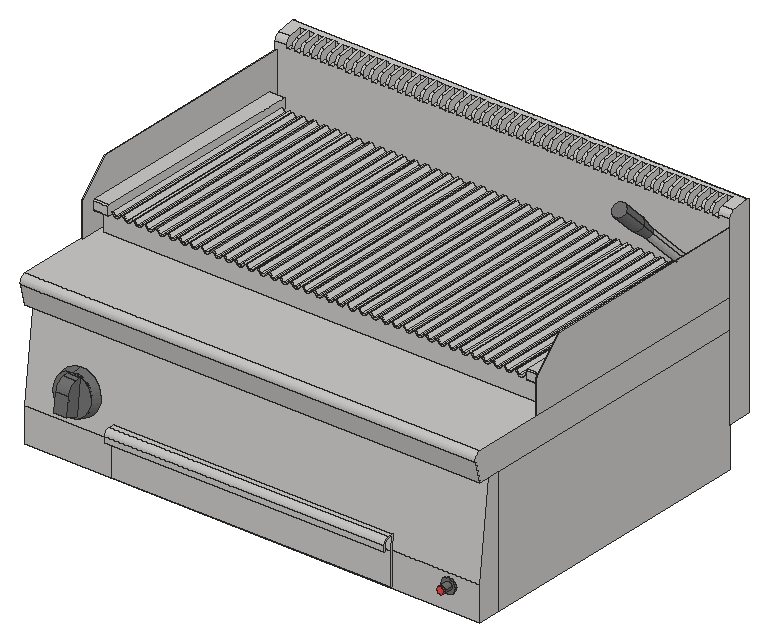
Revit family "QF_GIORIK_LTG8700", category Specialty Equipment, Revit 2014
Parameters (values of type "LTG8700")
  Weight in Pounds = 143.3003
  URL Cutsheet = "www.giorik.com"
  URL = "www.giorik.com"
  Status [instance] = ""
  Specification by User [instance] = ""
  Specification by Manufacturer = ""
  Show Logo [instance] = yes
  Show Clearance [instance] = yes
  Serial Number = ""
  Seismic Rating = ""
  SMACNA No = ""
  Revision Code [instance] = ""
  NAFEM Spec ID Number = ""
  Model = "LTG8700"
  Mechanical Remarks [instance] = "Natural Gas"
  Mechanical Connection Type [instance] = ""
  Masterspec = ""
  Manufacturer = "GIORIK"
  Item Number [instance] = ""
  Installed By [instance] = ""
  Identify Quantity as Lot [instance] = no
  Gas Size = 1"
  Gas RI Height [instance] = 0 mm
  Gas KW = 14
  Gas Input = 14000 W
  Gas Connection Height [instance] = 45 mm
  Furnished By [instance] = ""
  Foodservice Equipment Identifier [instance] = yes
  Description = "LAVASTONE GRILLS"
  CSI MasterFormat = ""
  Assembly Code = "E1090320"
Reference planes
  plane 1 "Back": y = 0
  plane 2: z = 0
  plane 3 "Left": x = 0
  plane 4 "Right": x = 800
  plane 5 "Front": y = -600
  plane 6 "Top": z = 430
Forms (mm)
  Extrusion 1, solid
    sketch origin (0, 1000, -580) x (0, 1, 0) y (0, 0, 1)
      loop
        line (-1040.007, 869.975) -> (-1589.445, 869.975)
        arc (-1589.445, 869.975) -> (-1598.171, 865.672) -> (-1600.069, 856.13) r 10.999
        line (-1600.069, 856.13) -> (-1590.388, 820) -> (-1040.007, 820) -> (-1040.007, 869.975)
    from 0 to 800
  Extrusion 2, solid
    sketch origin (0, 0, -560) x (0, 1, 0) y (0, 0, 1)
      loop
        line (-40.007, 800) -> (-550, 800) -> (-550, 580) -> (-40.007, 580) -> (-40.007, 800)
    from 0 to 800
  Extrusion 3, solid
    sketch origin (0, 0, -560) x (0, 1, 0) y (0, 0, 1)
      loop
        line (-550, 800) -> (-570.5, 800) -> (-590, 640) -> (-590, 580) -> (-550, 580) -> (-550, 800)
    from 0 to 800
  Revolve 4, solid
    sketch origin (103.155, -1.082, -556.237) x (0, 1, 0) y (0, 0, 1)
      loop
        line (-598.03, 706.389) -> (-594.27, 737.013) -> (-609.648, 734.852) -> (-613.772, 701.269) -> (-581.482, 697.305) -> (-580.629, 704.252) -> (-598.03, 706.389)
      axis (-581.482, 697.305) -> (-613.772, 701.269)
    angle from 0 to 360
  Extrusion 5, solid
    sketch origin (0, 0, -560) x (0, 1, 0) y (0, 0, 1)
      loop
        line (-40.007, 974.217) -> (-40.007, 650.827) -> (0, 650.827) -> (0, 988.42)
        arc (0, 988.42) -> (-0.57, 989.648) -> (-1.878, 990) r 1.6
        line (-1.878, 990) -> (-31.072, 984.852)
        arc (-31.072, 984.852) -> (-37.477, 981.162) -> (-40.007, 974.217) r 10.797
    from 0 to 800
  Extrusion 6, solid
    sketch origin (-59.831, -1.082, -556.237) x (0, 1, 0) y (0, 0, 1)
      loop
        line (-635.843, 711.553) -> (-639.647, 680.575) -> (-617.415, 671.593) -> (-610.135, 730.882) -> (-617.934, 729.786)
        arc (-617.934, 729.786) -> (-629.982, 723.708) -> (-635.843, 711.553) r 20.998
    from 151.831 to 173.831
  Extrusion 7, solid
    sketch origin (103.819, 0, -561) x (1, 0, 0) y (0, 0, 1)
      loop
        circle (-38.319, 606) r 12.5
    from 20.007 to 40.007
  Extrusion 8, void
    sketch origin (5, 0, 430) x (0, 1, 0) y (-1, 0, 0)
      loop
        line (-40.007, -25) -> (-9.931, -25) -> (-9.931, -15) -> (-40.007, -15) -> (-40.007, -25)
      loop
        line (-40.007, -40) -> (-9.931, -40) -> (-9.931, -30) -> (-40.007, -30) -> (-40.007, -40)
      loop
        line (-40.007, -55) -> (-9.931, -55) -> (-9.931, -45) -> (-40.007, -45) -> (-40.007, -55)
      loop
        line (-40.007, -70) -> (-9.931, -70) -> (-9.931, -60) -> (-40.007, -60) -> (-40.007, -70)
      loop
        line (-40.007, -85) -> (-9.931, -85) -> (-9.931, -75) -> (-40.007, -75) -> (-40.007, -85)
      loop
        line (-40.007, -100) -> (-9.931, -100) -> (-9.931, -90) -> (-40.007, -90) -> (-40.007, -100)
      loop
        line (-40.007, -115) -> (-9.931, -115) -> (-9.931, -105) -> (-40.007, -105) -> (-40.007, -115)
      loop
        line (-40.007, -130) -> (-9.931, -130) -> (-9.931, -120) -> (-40.007, -120) -> (-40.007, -130)
      loop
        line (-40.007, -145) -> (-9.931, -145) -> (-9.931, -135) -> (-40.007, -135) -> (-40.007, -145)
      loop
        line (-40.007, -160) -> (-9.931, -160) -> (-9.931, -150) -> (-40.007, -150) -> (-40.007, -160)
      loop
        line (-40.007, -175) -> (-9.931, -175) -> (-9.931, -165) -> (-40.007, -165) -> (-40.007, -175)
      loop
        line (-40.007, -190) -> (-9.931, -190) -> (-9.931, -180) -> (-40.007, -180) -> (-40.007, -190)
      loop
        line (-40.007, -205) -> (-9.931, -205) -> (-9.931, -195) -> (-40.007, -195) -> (-40.007, -205)
      loop
        line (-40.007, -220) -> (-9.931, -220) -> (-9.931, -210) -> (-40.007, -210) -> (-40.007, -220)
      loop
        line (-40.007, -235) -> (-9.931, -235) -> (-9.931, -225) -> (-40.007, -225) -> (-40.007, -235)
      loop
        line (-40.007, -250) -> (-9.931, -250) -> (-9.931, -240) -> (-40.007, -240) -> (-40.007, -250)
      loop
        line (-40.007, -265) -> (-9.931, -265) -> (-9.931, -255) -> (-40.007, -255) -> (-40.007, -265)
      loop
        line (-40.007, -280) -> (-9.931, -280) -> (-9.931, -270) -> (-40.007, -270) -> (-40.007, -280)
      loop
        line (-40.007, -295) -> (-9.931, -295) -> (-9.931, -285) -> (-40.007, -285) -> (-40.007, -295)
      loop
        line (-40.007, -310) -> (-9.931, -310) -> (-9.931, -300) -> (-40.007, -300) -> (-40.007, -310)
      loop
        line (-40.007, -325) -> (-9.931, -325) -> (-9.931, -315) -> (-40.007, -315) -> (-40.007, -325)
      loop
        line (-40.007, -340) -> (-9.931, -340) -> (-9.931, -330) -> (-40.007, -330) -> (-40.007, -340)
      loop
        line (-40.007, -355) -> (-9.931, -355) -> (-9.931, -345) -> (-40.007, -345) -> (-40.007, -355)
      loop
        line (-40.007, -370) -> (-9.931, -370) -> (-9.931, -360) -> (-40.007, -360) -> (-40.007, -370)
      loop
        line (-40.007, -385) -> (-9.931, -385) -> (-9.931, -375) -> (-40.007, -375) -> (-40.007, -385)
      loop
        line (-40.007, -400) -> (-9.931, -400) -> (-9.931, -390) -> (-40.007, -390) -> (-40.007, -400)
      loop
        line (-40.007, -415) -> (-9.931, -415) -> (-9.931, -405) -> (-40.007, -405) -> (-40.007, -415)
      loop
        line (-40.007, -430) -> (-9.931, -430) -> (-9.931, -420) -> (-40.007, -420) -> (-40.007, -430)
      loop
        line (-40.007, -445) -> (-9.931, -445) -> (-9.931, -435) -> (-40.007, -435) -> (-40.007, -445)
      loop
        line (-40.007, -460) -> (-9.931, -460) -> (-9.931, -450) -> (-40.007, -450) -> (-40.007, -460)
      loop
        line (-40.007, -475) -> (-9.931, -475) -> (-9.931, -465) -> (-40.007, -465) -> (-40.007, -475)
      loop
        line (-40.007, -490) -> (-9.931, -490) -> (-9.931, -480) -> (-40.007, -480) -> (-40.007, -490)
      loop
        line (-40.007, -505) -> (-9.931, -505) -> (-9.931, -495) -> (-40.007, -495) -> (-40.007, -505)
      loop
        line (-40.007, -520) -> (-9.931, -520) -> (-9.931, -510) -> (-40.007, -510) -> (-40.007, -520)
      loop
        line (-40.007, -535) -> (-9.931, -535) -> (-9.931, -525) -> (-40.007, -525) -> (-40.007, -535)
      loop
        line (-40.007, -550) -> (-9.931, -550) -> (-9.931, -540) -> (-40.007, -540) -> (-40.007, -550)
      loop
        line (-40.007, -565) -> (-9.931, -565) -> (-9.931, -555) -> (-40.007, -555) -> (-40.007, -565)
      loop
        line (-40.007, -580) -> (-9.931, -580) -> (-9.931, -570) -> (-40.007, -570) -> (-40.007, -580)
      loop
        line (-40.007, -595) -> (-9.931, -595) -> (-9.931, -585) -> (-40.007, -585) -> (-40.007, -595)
      loop
        line (-40.007, -610) -> (-9.931, -610) -> (-9.931, -600) -> (-40.007, -600) -> (-40.007, -610)
      loop
        line (-40.007, -625) -> (-9.931, -625) -> (-9.931, -615) -> (-40.007, -615) -> (-40.007, -625)
      loop
        line (-40.007, -640) -> (-9.931, -640) -> (-9.931, -630) -> (-40.007, -630) -> (-40.007, -640)
      loop
        line (-40.007, -655) -> (-9.931, -655) -> (-9.931, -645) -> (-40.007, -645) -> (-40.007, -655)
      loop
        line (-40.007, -670) -> (-9.931, -670) -> (-9.931, -660) -> (-40.007, -660) -> (-40.007, -670)
      loop
        line (-40.007, -685) -> (-9.931, -685) -> (-9.931, -675) -> (-40.007, -675) -> (-40.007, -685)
      loop
        line (-40.007, -700) -> (-9.931, -700) -> (-9.931, -690) -> (-40.007, -690) -> (-40.007, -700)
      loop
        line (-40.007, -715) -> (-9.931, -715) -> (-9.931, -705) -> (-40.007, -705) -> (-40.007, -715)
      loop
        line (-40.007, -730) -> (-9.931, -730) -> (-9.931, -720) -> (-40.007, -720) -> (-40.007, -730)
      loop
        line (-40.007, -745) -> (-9.931, -745) -> (-9.931, -735) -> (-40.007, -735) -> (-40.007, -745)
      loop
        line (-40.007, -760) -> (-9.931, -760) -> (-9.931, -750) -> (-40.007, -750) -> (-40.007, -760)
      loop
        line (-40.007, -775) -> (-9.931, -775) -> (-9.931, -765) -> (-40.007, -765) -> (-40.007, -775)
    from 0 to -20
  Extrusion 9, solid
    sketch origin (566.603, 15.293, -30) x (0, 1, 0) y (-1, 0, 0)
      loop
        circle (-79.293, 516.603) r 5
    from 41.965 to 50
  Revolve 10, solid
    sketch origin (50, 19.943, -600) x (0, 1, 0) y (0, 0, 1)
      loop
        line (-83.943, 611.965) -> (-94.752, 611.965) -> (-97.943, 600) -> (-83.943, 600) -> (-83.943, 611.965)
      axis (-83.943, 611.965) -> (-83.943, 600)
    angle from 0 to 360
  Extrusion 11, solid
    sketch origin (233.397, 15.293, -30) x (0, 1, 0) y (-1, 0, 0)
      loop
        circle (-79.293, -516.603) r 5
    from 41.965 to 50
  Revolve 12, solid
    sketch origin (750, 19.943, -600) x (0, 1, 0) y (0, 0, -1)
      loop
        line (-83.943, -611.965) -> (-83.943, -600) -> (-97.943, -600) -> (-94.752, -611.965) -> (-83.943, -611.965)
      axis (-83.943, -611.965) -> (-83.943, -600)
    angle from 0 to 360
  Extrusion 13, solid
    sketch origin (566.603, -459.707, -30) x (0, 1, 0) y (-1, 0, 0)
      loop
        circle (-79.293, 516.603) r 5
    from 41.965 to 50
  Revolve 14, solid
    sketch origin (50, -455.057, -600) x (0, 1, 0) y (0, 0, 1)
      loop
        line (-83.943, 611.965) -> (-94.752, 611.965) -> (-97.943, 600) -> (-83.943, 600) -> (-83.943, 611.965)
      axis (-83.943, 611.965) -> (-83.943, 600)
    angle from 0 to 360
  Extrusion 15, solid
    sketch origin (233.397, -459.707, -30) x (0, 1, 0) y (-1, 0, 0)
      loop
        circle (-79.293, -516.603) r 5
    from 41.965 to 50
  Revolve 16, solid
    sketch origin (750, -455.057, -600) x (0, 1, 0) y (0, 0, -1)
      loop
        line (-83.943, -611.965) -> (-83.943, -600) -> (-97.943, -600) -> (-94.752, -611.965) -> (-83.943, -611.965)
      axis (-83.943, -611.965) -> (-83.943, -600)
    angle from 0 to 360
  Extrusion 17, solid
    sketch origin (16.5, -630, -536.226) x (0, 1, 0) y (0, 0, 1)
      loop
        line (42.91, 640.1) -> (32.91, 640.1)
        arc (32.91, 640.1) -> (25.839, 637.171) -> (22.91, 630.1) r 10
        line (22.91, 630.1) -> (22.91, 620.1) -> (24.91, 620.1) -> (24.91, 630.1)
        arc (24.91, 630.1) -> (27.253, 635.757) -> (32.91, 638.1) r 8
        line (32.91, 638.1) -> (40.666, 638.1) -> (38, 616.226) -> (38, 558.783) -> (40, 558.783) -> (40, 616.226) -> (42.91, 640.1)
    from 137.5 to 628.5
  Extrusion 18, solid
    sketch origin (-38, 125.093, -610.025) x (0, 1, 0) y (0, 0, 1)
      loop
        line (-185, 955.091) -> (-570.2, 955.091) -> (-572.2, 953.091) -> (-572.2, 939.091) -> (-570.2, 937.091) -> (-185, 937.091) -> (-185, 955.091)
    from 45 to 70
  Extrusion 19, solid
    sketch origin (838, 125.093, -610.025) x (0, 1, 0) y (0, 0, -1)
      loop
        line (-185, -955.091) -> (-185, -937.091) -> (-570.2, -937.091) -> (-572.2, -939.091) -> (-572.2, -953.091) -> (-570.2, -955.091) -> (-185, -955.091)
    from 45 to 70
  Extrusion 20, solid
    sketch origin (-16.65, 125.093, -610.025) x (1, 0, 0) y (0, 0, 1)
      loop
        line (54.414, 946.091) -> (53, 944.677) -> (58.117, 939.56)
        arc (58.117, 939.56) -> (61.616, 938.529) -> (65.115, 939.56) r 6.455
        line (65.115, 939.56) -> (70.232, 944.677) -> (68.818, 946.091) -> (63.866, 941.139)
        arc (63.866, 941.139) -> (61.616, 940.529) -> (59.366, 941.139) r 4.455
        line (59.366, 941.139) -> (54.414, 946.091)
    from 198 to 570
  Extrusion 21, solid
    sketch origin (3.082, 125.093, -610.025) x (1, 0, 0) y (0, 0, 1)
      loop
        line (54.414, 946.091) -> (53, 944.677) -> (58.117, 939.56)
        arc (58.117, 939.56) -> (61.616, 938.529) -> (65.115, 939.56) r 6.455
        line (65.115, 939.56) -> (70.232, 944.677) -> (68.818, 946.091) -> (63.866, 941.139)
        arc (63.866, 941.139) -> (61.616, 940.529) -> (59.366, 941.139) r 4.455
        line (59.366, 941.139) -> (54.414, 946.091)
    from 198 to 570
  Extrusion 22, solid
    sketch origin (22.814, 125.093, -610.025) x (1, 0, 0) y (0, 0, 1)
      loop
        line (54.414, 946.091) -> (53, 944.677) -> (58.117, 939.56)
        arc (58.117, 939.56) -> (61.616, 938.529) -> (65.115, 939.56) r 6.455
        line (65.115, 939.56) -> (70.232, 944.677) -> (68.818, 946.091) -> (63.866, 941.139)
        arc (63.866, 941.139) -> (61.616, 940.529) -> (59.366, 941.139) r 4.455
        line (59.366, 941.139) -> (54.414, 946.091)
    from 198 to 570
  Extrusion 23, solid
    sketch origin (42.546, 125.093, -610.025) x (1, 0, 0) y (0, 0, 1)
      loop
        line (54.414, 946.091) -> (53, 944.677) -> (58.117, 939.56)
        arc (58.117, 939.56) -> (61.616, 938.529) -> (65.115, 939.56) r 6.455
        line (65.115, 939.56) -> (70.232, 944.677) -> (68.818, 946.091) -> (63.866, 941.139)
        arc (63.866, 941.139) -> (61.616, 940.529) -> (59.366, 941.139) r 4.455
        line (59.366, 941.139) -> (54.414, 946.091)
    from 198 to 570
  Extrusion 24, solid
    sketch origin (62.278, 125.093, -610.025) x (1, 0, 0) y (0, 0, 1)
      loop
        line (54.414, 946.091) -> (53, 944.677) -> (58.117, 939.56)
        arc (58.117, 939.56) -> (61.616, 938.529) -> (65.115, 939.56) r 6.455
        line (65.115, 939.56) -> (70.232, 944.677) -> (68.818, 946.091) -> (63.866, 941.139)
        arc (63.866, 941.139) -> (61.616, 940.529) -> (59.366, 941.139) r 4.455
        line (59.366, 941.139) -> (54.414, 946.091)
    from 198 to 570
  Extrusion 25, solid
    sketch origin (82.01, 125.093, -610.025) x (1, 0, 0) y (0, 0, 1)
      loop
        line (54.414, 946.091) -> (53, 944.677) -> (58.117, 939.56)
        arc (58.117, 939.56) -> (61.616, 938.529) -> (65.115, 939.56) r 6.455
        line (65.115, 939.56) -> (70.232, 944.677) -> (68.818, 946.091) -> (63.866, 941.139)
        arc (63.866, 941.139) -> (61.616, 940.529) -> (59.366, 941.139) r 4.455
        line (59.366, 941.139) -> (54.414, 946.091)
    from 198 to 570
  Extrusion 26, solid
    sketch origin (101.743, 125.093, -610.025) x (1, 0, 0) y (0, 0, 1)
      loop
        line (54.414, 946.091) -> (53, 944.677) -> (58.117, 939.56)
        arc (58.117, 939.56) -> (61.616, 938.529) -> (65.115, 939.56) r 6.455
        line (65.115, 939.56) -> (70.232, 944.677) -> (68.818, 946.091) -> (63.866, 941.139)
        arc (63.866, 941.139) -> (61.616, 940.529) -> (59.366, 941.139) r 4.455
        line (59.366, 941.139) -> (54.414, 946.091)
    from 198 to 570
  Extrusion 27, solid
    sketch origin (121.475, 125.093, -610.025) x (1, 0, 0) y (0, 0, 1)
      loop
        line (54.414, 946.091) -> (53, 944.677) -> (58.117, 939.56)
        arc (58.117, 939.56) -> (61.616, 938.529) -> (65.115, 939.56) r 6.455
        line (65.115, 939.56) -> (70.232, 944.677) -> (68.818, 946.091) -> (63.866, 941.139)
        arc (63.866, 941.139) -> (61.616, 940.529) -> (59.366, 941.139) r 4.455
        line (59.366, 941.139) -> (54.414, 946.091)
    from 198 to 570
  Extrusion 28, solid
    sketch origin (141.207, 125.093, -610.025) x (1, 0, 0) y (0, 0, 1)
      loop
        line (54.414, 946.091) -> (53, 944.677) -> (58.117, 939.56)
        arc (58.117, 939.56) -> (61.616, 938.529) -> (65.115, 939.56) r 6.455
        line (65.115, 939.56) -> (70.232, 944.677) -> (68.818, 946.091) -> (63.866, 941.139)
        arc (63.866, 941.139) -> (61.616, 940.529) -> (59.366, 941.139) r 4.455
        line (59.366, 941.139) -> (54.414, 946.091)
    from 198 to 570
  Extrusion 29, solid
    sketch origin (160.939, 125.093, -610.025) x (1, 0, 0) y (0, 0, 1)
      loop
        line (54.414, 946.091) -> (53, 944.677) -> (58.117, 939.56)
        arc (58.117, 939.56) -> (61.616, 938.529) -> (65.115, 939.56) r 6.455
        line (65.115, 939.56) -> (70.232, 944.677) -> (68.818, 946.091) -> (63.866, 941.139)
        arc (63.866, 941.139) -> (61.616, 940.529) -> (59.366, 941.139) r 4.455
        line (59.366, 941.139) -> (54.414, 946.091)
    from 198 to 570
  Extrusion 30, solid
    sketch origin (180.671, 125.093, -610.025) x (1, 0, 0) y (0, 0, 1)
      loop
        line (54.414, 946.091) -> (53, 944.677) -> (58.117, 939.56)
        arc (58.117, 939.56) -> (61.616, 938.529) -> (65.115, 939.56) r 6.455
        line (65.115, 939.56) -> (70.232, 944.677) -> (68.818, 946.091) -> (63.866, 941.139)
        arc (63.866, 941.139) -> (61.616, 940.529) -> (59.366, 941.139) r 4.455
        line (59.366, 941.139) -> (54.414, 946.091)
    from 198 to 570
  Extrusion 31, solid
    sketch origin (200.403, 125.093, -610.025) x (1, 0, 0) y (0, 0, 1)
      loop
        line (54.414, 946.091) -> (53, 944.677) -> (58.117, 939.56)
        arc (58.117, 939.56) -> (61.616, 938.529) -> (65.115, 939.56) r 6.455
        line (65.115, 939.56) -> (70.232, 944.677) -> (68.818, 946.091) -> (63.866, 941.139)
        arc (63.866, 941.139) -> (61.616, 940.529) -> (59.366, 941.139) r 4.455
        line (59.366, 941.139) -> (54.414, 946.091)
    from 198 to 570
  Extrusion 32, solid
    sketch origin (220.135, 125.093, -610.025) x (1, 0, 0) y (0, 0, 1)
      loop
        line (54.414, 946.091) -> (53, 944.677) -> (58.117, 939.56)
        arc (58.117, 939.56) -> (61.616, 938.529) -> (65.115, 939.56) r 6.455
        line (65.115, 939.56) -> (70.232, 944.677) -> (68.818, 946.091) -> (63.866, 941.139)
        arc (63.866, 941.139) -> (61.616, 940.529) -> (59.366, 941.139) r 4.455
        line (59.366, 941.139) -> (54.414, 946.091)
    from 198 to 570
  Extrusion 33, solid
    sketch origin (239.867, 125.093, -610.025) x (1, 0, 0) y (0, 0, 1)
      loop
        line (54.414, 946.091) -> (53, 944.677) -> (58.117, 939.56)
        arc (58.117, 939.56) -> (61.616, 938.529) -> (65.115, 939.56) r 6.455
        line (65.115, 939.56) -> (70.232, 944.677) -> (68.818, 946.091) -> (63.866, 941.139)
        arc (63.866, 941.139) -> (61.616, 940.529) -> (59.366, 941.139) r 4.455
        line (59.366, 941.139) -> (54.414, 946.091)
    from 198 to 570
  Extrusion 34, solid
    sketch origin (259.599, 125.093, -610.025) x (1, 0, 0) y (0, 0, 1)
      loop
        line (54.414, 946.091) -> (53, 944.677) -> (58.117, 939.56)
        arc (58.117, 939.56) -> (61.616, 938.529) -> (65.115, 939.56) r 6.455
        line (65.115, 939.56) -> (70.232, 944.677) -> (68.818, 946.091) -> (63.866, 941.139)
        arc (63.866, 941.139) -> (61.616, 940.529) -> (59.366, 941.139) r 4.455
        line (59.366, 941.139) -> (54.414, 946.091)
    from 198 to 570
  Extrusion 35, solid
    sketch origin (-10, 215.093, -610.025) x (1, 0, 0) y (0, 0, 1)
      loop
        line (23, 938.53) -> (23, 900) -> (797, 900) -> (797, 938.53) -> (23, 938.53)
    from 644 to 648
  Extrusion 36, solid
    sketch origin (-10, -720.307, -610.025) x (1, 0, 0) y (0, 0, -1)
      loop
        line (23, -938.53) -> (797, -938.53) -> (797, -900) -> (23, -900) -> (23, -938.53)
    from 631.4 to 635.4
  Blend 37, solid
    base sketch origin (857.297, -369.437, -777.64) x (-1, 0, 0) y (0, -0.706822, -0.707392)
      loop
        circle (76.097, -994.319) r 8
    top sketch origin (857.297, -369.437, -777.64) x (-1, 0, 0) y (0, -0.706822, -0.707392)
      loop
        circle (76.097, -994.319) r 12
    from 750.092 to 785.1
  Extrusion 38, solid
    sketch origin (869.297, -378.808, -784.437) x (-1, 0, 0) y (0, -0.706822, -0.707392)
      loop
        circle (88.097, -1005.786) r 12
    from 783.275 to 836.3
  Extrusion 39, solid
    sketch origin (279.331, 125.093, -610.025) x (1, 0, 0) y (0, 0, 1)
      loop
        line (54.414, 946.091) -> (53, 944.677) -> (58.117, 939.56)
        arc (58.117, 939.56) -> (61.616, 938.529) -> (65.115, 939.56) r 6.455
        line (65.115, 939.56) -> (70.232, 944.677) -> (68.818, 946.091) -> (63.866, 941.139)
        arc (63.866, 941.139) -> (61.616, 940.529) -> (59.366, 941.139) r 4.455
        line (59.366, 941.139) -> (54.414, 946.091)
    from 198 to 570
  Extrusion 40, solid
    sketch origin (299.063, 125.093, -610.025) x (1, 0, 0) y (0, 0, 1)
      loop
        line (54.414, 946.091) -> (53, 944.677) -> (58.117, 939.56)
        arc (58.117, 939.56) -> (61.616, 938.529) -> (65.115, 939.56) r 6.455
        line (65.115, 939.56) -> (70.232, 944.677) -> (68.818, 946.091) -> (63.866, 941.139)
        arc (63.866, 941.139) -> (61.616, 940.529) -> (59.366, 941.139) r 4.455
        line (59.366, 941.139) -> (54.414, 946.091)
    from 198 to 570
  Extrusion 41, solid
    sketch origin (318.895, 125.093, -610.025) x (1, 0, 0) y (0, 0, 1)
      loop
        line (54.414, 946.091) -> (53, 944.677) -> (58.117, 939.56)
        arc (58.117, 939.56) -> (61.616, 938.529) -> (65.115, 939.56) r 6.455
        line (65.115, 939.56) -> (70.232, 944.677) -> (68.818, 946.091) -> (63.866, 941.139)
        arc (63.866, 941.139) -> (61.616, 940.529) -> (59.366, 941.139) r 4.455
        line (59.366, 941.139) -> (54.414, 946.091)
    from 198 to 570
  Extrusion 42, solid
    sketch origin (338.627, 125.093, -610.025) x (1, 0, 0) y (0, 0, 1)
      loop
        line (54.414, 946.091) -> (53, 944.677) -> (58.117, 939.56)
        arc (58.117, 939.56) -> (61.616, 938.529) -> (65.115, 939.56) r 6.455
        line (65.115, 939.56) -> (70.232, 944.677) -> (68.818, 946.091) -> (63.866, 941.139)
        arc (63.866, 941.139) -> (61.616, 940.529) -> (59.366, 941.139) r 4.455
        line (59.366, 941.139) -> (54.414, 946.091)
    from 198 to 570
  Extrusion 43, solid
    sketch origin (358.359, 125.093, -610.025) x (1, 0, 0) y (0, 0, 1)
      loop
        line (54.414, 946.091) -> (53, 944.677) -> (58.117, 939.56)
        arc (58.117, 939.56) -> (61.616, 938.529) -> (65.115, 939.56) r 6.455
        line (65.115, 939.56) -> (70.232, 944.677) -> (68.818, 946.091) -> (63.866, 941.139)
        arc (63.866, 941.139) -> (61.616, 940.529) -> (59.366, 941.139) r 4.455
        line (59.366, 941.139) -> (54.414, 946.091)
    from 198 to 570
  Extrusion 44, solid
    sketch origin (378.091, 125.093, -610.025) x (1, 0, 0) y (0, 0, 1)
      loop
        line (54.414, 946.091) -> (53, 944.677) -> (58.117, 939.56)
        arc (58.117, 939.56) -> (61.616, 938.529) -> (65.115, 939.56) r 6.455
        line (65.115, 939.56) -> (70.232, 944.677) -> (68.818, 946.091) -> (63.866, 941.139)
        arc (63.866, 941.139) -> (61.616, 940.529) -> (59.366, 941.139) r 4.455
        line (59.366, 941.139) -> (54.414, 946.091)
    from 198 to 570
  Extrusion 45, solid
    sketch origin (397.824, 125.093, -610.025) x (1, 0, 0) y (0, 0, 1)
      loop
        line (54.414, 946.091) -> (53, 944.677) -> (58.117, 939.56)
        arc (58.117, 939.56) -> (61.616, 938.529) -> (65.115, 939.56) r 6.455
        line (65.115, 939.56) -> (70.232, 944.677) -> (68.818, 946.091) -> (63.866, 941.139)
        arc (63.866, 941.139) -> (61.616, 940.529) -> (59.366, 941.139) r 4.455
        line (59.366, 941.139) -> (54.414, 946.091)
    from 198 to 570
  Extrusion 46, solid
    sketch origin (417.556, 125.093, -610.025) x (1, 0, 0) y (0, 0, 1)
      loop
        line (54.414, 946.091) -> (53, 944.677) -> (58.117, 939.56)
        arc (58.117, 939.56) -> (61.616, 938.529) -> (65.115, 939.56) r 6.455
        line (65.115, 939.56) -> (70.232, 944.677) -> (68.818, 946.091) -> (63.866, 941.139)
        arc (63.866, 941.139) -> (61.616, 940.529) -> (59.366, 941.139) r 4.455
        line (59.366, 941.139) -> (54.414, 946.091)
    from 198 to 570
  Extrusion 47, solid
    sketch origin (437.288, 125.093, -610.025) x (1, 0, 0) y (0, 0, 1)
      loop
        line (54.414, 946.091) -> (53, 944.677) -> (58.117, 939.56)
        arc (58.117, 939.56) -> (61.616, 938.529) -> (65.115, 939.56) r 6.455
        line (65.115, 939.56) -> (70.232, 944.677) -> (68.818, 946.091) -> (63.866, 941.139)
        arc (63.866, 941.139) -> (61.616, 940.529) -> (59.366, 941.139) r 4.455
        line (59.366, 941.139) -> (54.414, 946.091)
    from 198 to 570
  Extrusion 48, solid
    sketch origin (457.02, 125.093, -610.025) x (1, 0, 0) y (0, 0, 1)
      loop
        line (54.414, 946.091) -> (53, 944.677) -> (58.117, 939.56)
        arc (58.117, 939.56) -> (61.616, 938.529) -> (65.115, 939.56) r 6.455
        line (65.115, 939.56) -> (70.232, 944.677) -> (68.818, 946.091) -> (63.866, 941.139)
        arc (63.866, 941.139) -> (61.616, 940.529) -> (59.366, 941.139) r 4.455
        line (59.366, 941.139) -> (54.414, 946.091)
    from 198 to 570
  Extrusion 49, solid
    sketch origin (476.752, 125.093, -610.025) x (1, 0, 0) y (0, 0, 1)
      loop
        line (54.414, 946.091) -> (53, 944.677) -> (58.117, 939.56)
        arc (58.117, 939.56) -> (61.616, 938.529) -> (65.115, 939.56) r 6.455
        line (65.115, 939.56) -> (70.232, 944.677) -> (68.818, 946.091) -> (63.866, 941.139)
        arc (63.866, 941.139) -> (61.616, 940.529) -> (59.366, 941.139) r 4.455
        line (59.366, 941.139) -> (54.414, 946.091)
    from 198 to 570
  Extrusion 50, solid
    sketch origin (496.484, 125.093, -610.025) x (1, 0, 0) y (0, 0, 1)
      loop
        line (54.414, 946.091) -> (53, 944.677) -> (58.117, 939.56)
        arc (58.117, 939.56) -> (61.616, 938.529) -> (65.115, 939.56) r 6.455
        line (65.115, 939.56) -> (70.232, 944.677) -> (68.818, 946.091) -> (63.866, 941.139)
        arc (63.866, 941.139) -> (61.616, 940.529) -> (59.366, 941.139) r 4.455
        line (59.366, 941.139) -> (54.414, 946.091)
    from 198 to 570
  Extrusion 51, solid
    sketch origin (516.216, 125.093, -610.025) x (1, 0, 0) y (0, 0, 1)
      loop
        line (54.414, 946.091) -> (53, 944.677) -> (58.117, 939.56)
        arc (58.117, 939.56) -> (61.616, 938.529) -> (65.115, 939.56) r 6.455
        line (65.115, 939.56) -> (70.232, 944.677) -> (68.818, 946.091) -> (63.866, 941.139)
        arc (63.866, 941.139) -> (61.616, 940.529) -> (59.366, 941.139) r 4.455
        line (59.366, 941.139) -> (54.414, 946.091)
      loop
        line (74.114, 946.091) -> (72.7, 944.677) -> (77.817, 939.56)
        arc (77.817, 939.56) -> (81.316, 938.529) -> (84.815, 939.56) r 6.455
        line (84.815, 939.56) -> (89.932, 944.677) -> (88.518, 946.091) -> (83.566, 941.139)
        arc (83.566, 941.139) -> (81.316, 940.529) -> (79.066, 941.139) r 4.455
        line (79.066, 941.139) -> (74.114, 946.091)
      loop
        line (93.814, 946.091) -> (92.4, 944.677) -> (97.517, 939.56)
        arc (97.517, 939.56) -> (101.016, 938.529) -> (104.515, 939.56) r 6.455
        line (104.515, 939.56) -> (109.632, 944.677) -> (108.218, 946.091) -> (103.266, 941.139)
        arc (103.266, 941.139) -> (101.016, 940.529) -> (98.766, 941.139) r 4.455
        line (98.766, 941.139) -> (93.814, 946.091)
      loop
        line (113.514, 946.091) -> (112.1, 944.677) -> (117.217, 939.56)
        arc (117.217, 939.56) -> (120.716, 938.529) -> (124.215, 939.56) r 6.455
        line (124.215, 939.56) -> (129.332, 944.677) -> (127.918, 946.091) -> (122.966, 941.139)
        arc (122.966, 941.139) -> (120.716, 940.529) -> (118.466, 941.139) r 4.455
        line (118.466, 941.139) -> (113.514, 946.091)
      loop
        line (133.214, 946.091) -> (131.8, 944.677) -> (136.917, 939.56)
        arc (136.917, 939.56) -> (140.416, 938.529) -> (143.915, 939.56) r 6.455
        line (143.915, 939.56) -> (149.032, 944.677) -> (147.618, 946.091) -> (142.666, 941.139)
        arc (142.666, 941.139) -> (140.416, 940.529) -> (138.166, 941.139) r 4.455
        line (138.166, 941.139) -> (133.214, 946.091)
      loop
        line (152.914, 946.091) -> (151.5, 944.677) -> (156.617, 939.56)
        arc (156.617, 939.56) -> (160.116, 938.529) -> (163.615, 939.56) r 6.455
        line (163.615, 939.56) -> (168.732, 944.677) -> (167.318, 946.091) -> (162.366, 941.139)
        arc (162.366, 941.139) -> (160.116, 940.529) -> (157.866, 941.139) r 4.455
        line (157.866, 941.139) -> (152.914, 946.091)
      loop
        line (172.614, 946.091) -> (171.2, 944.677) -> (176.317, 939.56)
        arc (176.317, 939.56) -> (179.816, 938.529) -> (183.315, 939.56) r 6.455
        line (183.315, 939.56) -> (188.432, 944.677) -> (187.018, 946.091) -> (182.066, 941.139)
        arc (182.066, 941.139) -> (179.816, 940.529) -> (177.566, 941.139) r 4.455
        line (177.566, 941.139) -> (172.614, 946.091)
      loop
        line (192.314, 946.091) -> (190.9, 944.677) -> (196.017, 939.56)
        arc (196.017, 939.56) -> (199.516, 938.529) -> (203.015, 939.56) r 6.455
        line (203.015, 939.56) -> (208.132, 944.677) -> (206.718, 946.091) -> (201.766, 941.139)
        arc (201.766, 941.139) -> (199.516, 940.529) -> (197.266, 941.139) r 4.455
        line (197.266, 941.139) -> (192.314, 946.091)
      loop
        line (212.014, 946.091) -> (210.6, 944.677) -> (215.717, 939.56)
        arc (215.717, 939.56) -> (219.216, 938.529) -> (222.715, 939.56) r 6.455
        line (222.715, 939.56) -> (227.832, 944.677) -> (226.418, 946.091) -> (221.466, 941.139)
        arc (221.466, 941.139) -> (219.216, 940.529) -> (216.966, 941.139) r 4.455
        line (216.966, 941.139) -> (212.014, 946.091)
      loop
        line (231.714, 946.091) -> (230.3, 944.677) -> (235.417, 939.56)
        arc (235.417, 939.56) -> (238.916, 938.529) -> (242.415, 939.56) r 6.455
        line (242.415, 939.56) -> (247.532, 944.677) -> (246.118, 946.091) -> (241.166, 941.139)
        arc (241.166, 941.139) -> (238.916, 940.529) -> (236.666, 941.139) r 4.455
        line (236.666, 941.139) -> (231.714, 946.091)
    from 198 to 570
  Extrusion 52, solid
    sketch origin (-35, 127.993, -610.025) x (0, 1, 0) y (0, 0, 1)
      loop
        line (-168, 900) -> (-168, 1010) -> (-543.15, 1010) -> (-593, 960.15) -> (-593, 900) -> (-168, 900)
    from 35 to 37
  Extrusion 53, solid
    sketch origin (835, 127.993, -610.025) x (0, 1, 0) y (0, 0, -1)
      loop
        line (-168, -900) -> (-593, -900) -> (-593, -960.15) -> (-543.15, -1010) -> (-168, -1010) -> (-168, -900)
    from 35 to 37
  Extrusion 54, solid
    sketch origin (707.298, -565.79, -651.693) x (1, 0, 0) y (0, 0.001091, 0.999999)
      loop
        circle (38.702, 711.666) r 12.5
    from 25 to 27
  Extrusion 55, solid
    sketch origin (-18.91, -592.797, -658.086) x (1, 0, 0) y (0, 0.001091, 0.999999)
      loop
        circle (764.91, 718.089) r 6
    from 0 to 15
  Extrusion 56, solid
    sketch origin (-18.91, -593.959, -658.085) x (1, 0, 0) y (0, 0.001091, 0.999999)
      loop
        circle (764.91, 718.089) r 6
    from 13.838 to 15.838
  Extrusion 57, solid
    sketch origin (-76.92, 50.321, 632.76) x (0, 0.707107, 0.707107) y (-1, 0, 0)
      loop
        circle (-300.112, -857.92) r 8
    from -115.906 to 50
Cuts and joins
  Extrusion 8 cuts Extrusion 5
Lines and regions (mm)
  symbolic lines, style "200-EquipBorder-2D"
    curve 1: line (800, 0, 0) -> (0, 0, 0)
    curve 2: line (0, 0, 0) -> (0, -600, 0)
    curve 114: line (800, -600, 430) -> (800, 0, 430)
    curve 115: spline (92, -618.74, 990) -> (88.789, -618.579, 990) -> (85.73, -618.379, 990) -> (82.856, -618.142, 990) -> (80.196, -617.87, 990) -> (77.779, -617.566, 990) -> (75.63, -617.234, 990) -> (73.772, -616.876, 990) -> (72.225, -616.497, 990) -> (71.004, -616.101, 990) -> (70.122, -615.692, 990) -> (69.59, -615.274, 990) -> (69.412, -614.851, 990)
    curve 116: spline (137.073, -614.945, 990) -> (136.819, -615.364, 990) -> (136.218, -615.777, 990) -> (135.275, -616.181, 990) -> (134.001, -616.57, 990) -> (132.408, -616.942, 990) -> (130.513, -617.293, 990) -> (128.336, -617.618, 990) -> (125.898, -617.914, 990) -> (123.227, -618.179, 990) -> (120.348, -618.409, 990) -> (117.293, -618.603, 990) -> (114.091, -618.757, 990)
    curve 117: line (69.412, -614.851, 990) -> (65.31, -600, 990)
    curve 118: line (137.073, -614.945, 990) -> (140.98, -600, 990)
    curve 322: line (800, -600, 430) -> (0, -600, 430)
    curve 323: line (92, -640.728, 430) -> (92, -611.217, 430)
    curve 324: line (92, -640.728, 430) -> (114, -640.728, 430)
    curve 325: line (114, -640.728, 430) -> (114, -611.217, 430)
    curve 326: line (154, -607.09, 430) -> (154, -600, 430)
    curve 327: line (154, -607.09, 430) -> (645, -607.09, 430)
    curve 328: line (645, -607.09, 430) -> (645, -600, 430)
    curve 329: line (740, -609.014, 430) -> (740, -600, 430)
    curve 330: line (740, -609.014, 430) -> (752, -609.014, 430)
    curve 331: line (752, -609.014, 430) -> (752, -600, 430)
    curve 332: spline (69.412, -614.851, 430) -> (70.564, -613.802, 430) -> (73.941, -612.824, 430) -> (79.314, -611.984, 430) -> (86.316, -611.339, 430) -> (94.47, -610.934, 430) -> (103.22, -610.796, 430) -> (111.97, -610.934, 430) -> (120.124, -611.339, 430) -> (127.126, -611.984, 430) -> (132.499, -612.824, 430) -> (135.877, -613.802, 430) -> (137.029, -614.851, 430)
    curve 333: line (92, -611.217, 430) -> (114, -611.217, 430)
  symbolic lines, style "200-EquipInternal-2D"
    curve 3: line (800, -40.007, 430) -> (0, -40.007, 430)
    curve 4: line (20, -9.931, 290) -> (20, -40.007, 290)
    curve 5: line (30, -40.007, 290) -> (30, -9.931, 290)
    curve 6: line (35, -9.931, 290) -> (35, -40.007, 290)
    curve 7: line (45, -40.007, 290) -> (45, -9.931, 290)
    curve 8: line (50, -9.931, 290) -> (50, -40.007, 290)
    curve 9: line (60, -40.007, 290) -> (60, -9.931, 290)
    curve 10: line (80, -9.931, 290) -> (80, -40.007, 290)
    curve 11: line (90, -40.007, 290) -> (90, -9.931, 290)
    curve 12: line (95, -9.931, 290) -> (95, -40.007, 290)
    curve 13: line (105, -40.007, 290) -> (105, -9.931, 290)
    curve 14: line (135, -40.007, 290) -> (135, -9.931, 290)
    curve 15: line (125, -9.931, 290) -> (125, -40.007, 290)
    curve 16: line (150, -40.007, 290) -> (150, -9.931, 290)
    curve 17: line (155, -9.931, 290) -> (155, -40.007, 290)
    curve 18: line (165, -40.007, 290) -> (165, -9.931, 290)
    curve 19: line (140, -9.931, 290) -> (140, -40.007, 290)
    curve 20: line (195, -40.007, 290) -> (195, -9.931, 290)
    curve 21: line (185, -9.931, 290) -> (185, -40.007, 290)
    curve 22: line (200, -9.931, 290) -> (200, -40.007, 290)
    curve 23: line (210, -40.007, 290) -> (210, -9.931, 290)
    curve 24: line (215, -9.931, 290) -> (215, -40.007, 290)
    curve 25: line (225, -40.007, 290) -> (225, -9.931, 290)
    curve 26: line (245, -9.931, 290) -> (245, -40.007, 290)
    curve 27: line (255, -40.007, 290) -> (255, -9.931, 290)
    curve 28: line (260, -9.931, 290) -> (260, -40.007, 290)
    curve 29: line (270, -40.007, 290) -> (270, -9.931, 290)
    curve 30: line (275, -9.931, 290) -> (275, -40.007, 290)
    curve 31: line (285, -40.007, 290) -> (285, -9.931, 290)
    curve 32: line (315, -40.007, 290) -> (315, -9.931, 290)
    curve 33: line (305, -9.931, 290) -> (305, -40.007, 290)
    curve 34: line (330, -40.007, 290) -> (330, -9.931, 290)
    curve 35: line (320, -9.931, 290) -> (320, -40.007, 290)
    curve 36: line (335, -9.931, 290) -> (335, -40.007, 290)
    curve 37: line (345, -40.007, 290) -> (345, -9.931, 290)
    curve 38: line (365, -9.931, 290) -> (365, -40.007, 290)
    curve 39: line (375, -40.007, 290) -> (375, -9.931, 290)
    curve 40: line (380, -9.931, 290) -> (380, -40.007, 290)
    curve 41: line (390, -9.931, 290) -> (380, -9.931, 290)
    curve 42: line (375, -9.931, 290) -> (365, -9.931, 290)
    curve 43: line (345, -9.931, 290) -> (335, -9.931, 290)
    curve 44: line (330, -9.931, 290) -> (320, -9.931, 290)
    curve 45: line (315, -9.931, 290) -> (305, -9.931, 290)
    curve 46: line (270, -9.931, 290) -> (260, -9.931, 290)
    curve 47: line (105, -9.931, 290) -> (95, -9.931, 290)
    curve 48: line (90, -9.931, 290) -> (80, -9.931, 290)
    curve 49: line (60, -9.931, 290) -> (50, -9.931, 290)
    curve 50: line (30, -9.931, 290) -> (20, -9.931, 290)
    curve 51: line (135, -9.931, 290) -> (125, -9.931, 290)
    curve 52: line (150, -9.931, 290) -> (140, -9.931, 290)
    curve 53: line (165, -9.931, 290) -> (155, -9.931, 290)
    curve 54: line (195, -9.931, 290) -> (185, -9.931, 290)
    curve 55: line (210, -9.931, 290) -> (200, -9.931, 290)
    curve 56: line (225, -9.931, 290) -> (215, -9.931, 290)
    curve 57: line (255, -9.931, 290) -> (245, -9.931, 290)
    curve 58: line (45, -9.931, 290) -> (35, -9.931, 290)
    curve 59: line (65, -9.931, 430) -> (65, -40.007, 430)
    curve 60: line (75, -40.007, 430) -> (75, -9.931, 430)
    curve 61: line (75, -9.931, 430) -> (65, -9.931, 430)
    curve 62: line (110, -9.931, 430) -> (110, -40.007, 430)
    curve 63: line (120, -40.007, 430) -> (120, -9.931, 430)
    curve 64: line (120, -9.931, 430) -> (110, -9.931, 430)
    curve 65: line (170, -9.931, 430) -> (170, -40.007, 430)
    curve 66: line (180, -40.007, 430) -> (180, -9.931, 430)
    curve 67: line (180, -9.931, 430) -> (170, -9.931, 430)
    curve 68: line (230, -9.931, 430) -> (230, -40.007, 430)
    curve 69: line (240, -40.007, 430) -> (240, -9.931, 430)
    curve 70: line (240, -9.931, 430) -> (230, -9.931, 430)
    curve 71: line (285, -9.931, 430) -> (275, -9.931, 430)
    curve 72: line (300, -9.931, 430) -> (290, -9.931, 430)
    curve 73: line (290, -9.931, 430) -> (290, -40.007, 430)
    curve 74: line (300, -40.007, 430) -> (300, -9.931, 430)
    curve 75: line (350, -9.931, 430) -> (350, -40.007, 430)
    curve 76: line (360, -40.007, 430) -> (360, -9.931, 430)
    curve 77: line (360, -9.931, 430) -> (350, -9.931, 430)
    curve 78: line (390, -40.007, 430) -> (390, -9.931, 430)
    curve 79: line (395, -9.931, 430) -> (395, -40.007, 430)
    curve 80: line (405, -40.007, 430) -> (405, -9.931, 430)
    curve 81: line (405, -9.931, 430) -> (395, -9.931, 430)
    curve 82: line (420, -9.931, 430) -> (410, -9.931, 430)
    curve 83: line (410, -9.931, 430) -> (410, -40.007, 430)
    curve 84: line (420, -40.007, 430) -> (420, -9.931, 430)
    curve 85: line (425, -9.931, 430) -> (425, -40.007, 430)
    curve 86: line (435, -40.007, 430) -> (435, -9.931, 430)
    curve 87: line (435, -9.931, 430) -> (425, -9.931, 430)
    curve 88: line (440, -9.931, 430) -> (440, -40.007, 430)
    curve 89: line (450, -40.007, 430) -> (450, -9.931, 430)
    curve 90: line (455, -9.931, 430) -> (455, -40.007, 430)
    curve 91: line (465, -40.007, 430) -> (465, -9.931, 430)
    curve 92: line (470, -9.931, 430) -> (470, -40.007, 430)
    curve 93: line (480, -40.007, 430) -> (480, -9.931, 430)
    curve 94: line (485, -9.931, 430) -> (485, -40.007, 430)
    curve 95: line (495, -40.007, 430) -> (495, -9.931, 430)
    curve 96: line (500, -9.931, 430) -> (500, -40.007, 430)
    curve 97: line (510, -40.007, 430) -> (510, -9.931, 430)
    curve 98: line (515, -9.931, 430) -> (515, -40.007, 430)
    curve 99: line (525, -40.007, 430) -> (525, -9.931, 430)
    curve 100: line (530, -9.931, 430) -> (530, -40.007, 430)
    curve 101: line (540, -40.007, 430) -> (540, -9.931, 430)
    curve 102: line (545, -9.931, 430) -> (545, -40.007, 430)
    curve 103: line (555, -40.007, 430) -> (555, -9.931, 430)
    curve 104: line (560, -9.931, 430) -> (560, -40.007, 430)
    curve 105: line (450, -9.931, 430) -> (440, -9.931, 430)
    curve 106: line (465, -9.931, 430) -> (455, -9.931, 430)
    curve 107: line (480, -9.931, 430) -> (470, -9.931, 430)
    curve 108: line (495, -9.931, 430) -> (485, -9.931, 430)
    curve 109: line (510, -9.931, 430) -> (500, -9.931, 430)
    curve 110: line (525, -9.931, 430) -> (515, -9.931, 430)
    curve 111: line (540, -9.931, 430) -> (530, -9.931, 430)
    curve 112: line (555, -9.931, 430) -> (545, -9.931, 430)
    curve 113: line (570, -9.931, 430) -> (560, -9.931, 430)
    curve 119: line (36.35, -444.907, 430) -> (53.582, -444.907, 430)
    curve 120: line (56.082, -444.907, 430) -> (73.314, -444.907, 430)
    curve 121: line (75.814, -444.907, 430) -> (93.046, -444.907, 430)
    curve 122: line (95.546, -444.907, 430) -> (112.778, -444.907, 430)
    curve 123: line (115.278, -444.907, 430) -> (132.51, -444.907, 430)
    curve 124: line (135.01, -444.907, 430) -> (152.242, -444.907, 430)
    curve 125: line (154.743, -444.907, 430) -> (171.975, -444.907, 430)
    curve 126: line (174.475, -444.907, 430) -> (191.707, -444.907, 430)
    curve 127: line (194.207, -444.907, 430) -> (211.439, -444.907, 430)
    curve 128: line (213.939, -444.907, 430) -> (231.171, -444.907, 430)
    curve 129: line (233.671, -444.907, 430) -> (250.903, -444.907, 430)
    curve 130: line (253.403, -444.907, 430) -> (270.635, -444.907, 430)
    curve 131: line (273.135, -444.907, 430) -> (290.367, -444.907, 430)
    curve 132: line (292.867, -444.907, 430) -> (310.099, -444.907, 430)
    curve 133: line (312.599, -444.907, 430) -> (329.831, -444.907, 430)
    curve 134: line (332.331, -444.907, 430) -> (349.563, -444.907, 430)
    curve 135: line (352.063, -444.907, 430) -> (369.295, -444.907, 430)
    curve 136: line (371.895, -444.907, 430) -> (389.127, -444.907, 430)
    curve 137: line (391.627, -444.907, 430) -> (408.859, -444.907, 430)
    curve 138: line (411.359, -444.907, 430) -> (428.591, -444.907, 430)
    curve 139: line (431.091, -444.907, 430) -> (448.323, -444.907, 430)
    curve 140: line (450.824, -444.907, 430) -> (468.056, -444.907, 430)
    curve 141: line (470.556, -444.907, 430) -> (487.788, -444.907, 430)
    curve 142: line (490.288, -444.907, 430) -> (507.52, -444.907, 430)
    curve 143: line (510.02, -444.907, 430) -> (527.252, -444.907, 430)
    curve 144: line (529.752, -444.907, 430) -> (546.984, -444.907, 430)
    curve 145: line (549.484, -444.907, 430) -> (566.716, -444.907, 430)
    curve 146: line (569.216, -444.907, 430) -> (586.448, -444.907, 430)
    curve 147: line (569.216, -72.907, 430) -> (569.216, -444.907, 430)
    curve 148: line (586.448, -72.907, 430) -> (586.448, -444.907, 430)
    curve 149: line (566.716, -72.907, 430) -> (566.716, -444.907, 430)
    curve 150: line (549.484, -72.907, 430) -> (549.484, -444.907, 430)
    curve 151: line (546.984, -72.907, 430) -> (546.984, -444.907, 430)
    curve 152: line (529.752, -72.907, 430) -> (529.752, -444.907, 430)
    curve 153: line (527.252, -72.907, 430) -> (527.252, -444.907, 430)
    curve 154: line (510.02, -72.907, 430) -> (510.02, -444.907, 430)
    curve 155: line (507.52, -72.907, 430) -> (507.52, -444.907, 430)
    curve 156: line (490.288, -72.907, 430) -> (490.288, -444.907, 430)
    curve 157: line (487.788, -72.907, 430) -> (487.788, -444.907, 430)
    curve 158: line (470.556, -72.907, 430) -> (470.556, -444.907, 430)
    curve 159: line (468.056, -72.907, 430) -> (468.056, -444.907, 430)
    curve 160: line (450.824, -72.907, 430) -> (450.824, -444.907, 430)
    curve 161: line (448.323, -72.907, 430) -> (448.323, -444.907, 430)
    curve 162: line (431.091, -72.907, 430) -> (431.091, -444.907, 430)
    curve 163: line (428.591, -72.907, 430) -> (428.591, -444.907, 430)
    curve 164: line (411.359, -72.907, 430) -> (411.359, -444.907, 430)
    curve 165: line (408.859, -72.907, 430) -> (408.859, -444.907, 430)
    curve 166: line (391.627, -72.907, 430) -> (391.627, -444.907, 430)
    curve 167: line (389.127, -72.907, 430) -> (389.127, -444.907, 430)
    curve 168: line (371.895, -72.907, 430) -> (371.895, -444.907, 430)
    curve 169: line (369.295, -72.907, 430) -> (369.295, -444.907, 430)
    curve 170: line (352.063, -72.907, 430) -> (352.063, -444.907, 430)
    curve 171: line (349.563, -72.907, 430) -> (349.563, -444.907, 430)
    curve 172: line (332.331, -72.907, 430) -> (332.331, -444.907, 430)
    curve 173: line (329.831, -72.907, 430) -> (329.831, -444.907, 430)
    curve 174: line (312.599, -72.907, 430) -> (312.599, -444.907, 430)
    curve 175: line (310.099, -72.907, 430) -> (310.099, -444.907, 430)
    curve 176: line (292.867, -72.907, 430) -> (292.867, -444.907, 430)
    curve 177: line (290.367, -72.907, 430) -> (290.367, -444.907, 430)
    curve 178: line (273.135, -72.907, 430) -> (273.135, -444.907, 430)
    curve 179: line (270.635, -72.907, 430) -> (270.635, -444.907, 430)
    curve 180: line (253.403, -72.907, 430) -> (253.403, -444.907, 430)
    curve 181: line (250.903, -72.907, 430) -> (250.903, -444.907, 430)
    curve 182: line (233.671, -72.907, 430) -> (233.671, -444.907, 430)
    curve 183: line (231.171, -72.907, 430) -> (231.171, -444.907, 430)
    curve 184: line (213.939, -72.907, 430) -> (213.939, -444.907, 430)
    curve 185: line (211.439, -72.907, 430) -> (211.439, -444.907, 430)
    curve 186: line (194.207, -72.907, 430) -> (194.207, -444.907, 430)
    curve 187: line (191.707, -72.907, 430) -> (191.707, -444.907, 430)
    curve 188: line (174.475, -72.907, 430) -> (174.475, -444.907, 430)
    curve 189: line (171.975, -72.907, 430) -> (171.975, -444.907, 430)
    curve 190: line (154.743, -72.907, 430) -> (154.743, -444.907, 430)
    curve 191: line (152.242, -72.907, 430) -> (152.242, -444.907, 430)
    curve 192: line (135.01, -72.907, 430) -> (135.01, -444.907, 430)
    curve 193: line (132.51, -72.907, 430) -> (132.51, -444.907, 430)
    curve 194: line (115.278, -72.907, 430) -> (115.278, -444.907, 430)
    curve 195: line (112.778, -72.907, 430) -> (112.778, -444.907, 430)
    curve 196: line (95.546, -72.907, 430) -> (95.546, -444.907, 430)
    curve 197: line (93.046, -72.907, 430) -> (93.046, -444.907, 430)
    curve 198: line (75.814, -72.907, 430) -> (75.814, -444.907, 430)
    curve 199: line (73.314, -72.907, 430) -> (73.314, -444.907, 430)
    curve 200: line (56.082, -72.907, 430) -> (56.082, -444.907, 430)
    curve 201: line (53.582, -72.907, 430) -> (53.582, -444.907, 430)
    curve 202: line (36.35, -72.907, 430) -> (36.35, -444.907, 430)
    curve 203: line (32, -59.907, 430) -> (7, -59.907, 430)
    curve 204: line (7, -59.907, 430) -> (7, -447.107, 430)
    curve 205: line (32, -447.107, 430) -> (32, -59.907, 430)
    curve 206: line (53.582, -72.907, 430) -> (36.35, -72.907, 430)
    curve 207: line (73.314, -72.907, 430) -> (56.082, -72.907, 430)
    curve 208: line (93.046, -72.907, 430) -> (75.814, -72.907, 430)
    curve 209: line (112.778, -72.907, 430) -> (95.546, -72.907, 430)
    curve 210: line (132.51, -72.907, 430) -> (115.278, -72.907, 430)
    curve 211: line (152.242, -72.907, 430) -> (135.01, -72.907, 430)
    curve 212: line (171.975, -72.907, 430) -> (154.743, -72.907, 430)
    curve 213: line (191.707, -72.907, 430) -> (174.475, -72.907, 430)
    curve 214: line (211.439, -72.907, 430) -> (194.207, -72.907, 430)
    curve 215: line (231.171, -72.907, 430) -> (213.939, -72.907, 430)
    curve 216: line (250.903, -72.907, 430) -> (233.671, -72.907, 430)
    curve 217: line (270.635, -72.907, 430) -> (253.403, -72.907, 430)
    curve 218: line (290.367, -72.907, 430) -> (273.135, -72.907, 430)
    curve 219: line (310.099, -72.907, 430) -> (292.867, -72.907, 430)
    curve 220: line (329.831, -72.907, 430) -> (312.599, -72.907, 430)
    curve 221: line (349.563, -72.907, 430) -> (332.331, -72.907, 430)
    curve 222: line (369.295, -72.907, 430) -> (352.063, -72.907, 430)
    curve 223: line (389.127, -72.907, 430) -> (371.895, -72.907, 430)
    curve 224: line (408.859, -72.907, 430) -> (391.627, -72.907, 430)
    curve 225: line (428.591, -72.907, 430) -> (411.359, -72.907, 430)
    curve 226: line (448.323, -72.907, 430) -> (431.091, -72.907, 430)
    curve 227: line (468.056, -72.907, 430) -> (450.824, -72.907, 430)
    curve 228: line (487.788, -72.907, 430) -> (470.556, -72.907, 430)
    curve 229: line (507.52, -72.907, 430) -> (490.288, -72.907, 430)
    curve 230: line (527.252, -72.907, 430) -> (510.02, -72.907, 430)
    curve 231: line (546.984, -72.907, 430) -> (529.752, -72.907, 430)
    curve 232: line (566.716, -72.907, 430) -> (549.484, -72.907, 430)
    curve 233: line (586.448, -72.907, 430) -> (569.216, -72.907, 430)
    curve 234: line (768, -59.907, 430) -> (768, -447.107, 430)
    curve 235: line (793, -447.107, 430) -> (793, -59.907, 430)
    curve 236: line (793, -59.907, 430) -> (768, -59.907, 430)
    curve 237: line (7, -447.107, 430) -> (32, -447.107, 430)
    curve 238: line (2, -465.007, 430) -> (2, -40.007, 430)
    curve 239: line (0, -465.007, 430) -> (2, -465.007, 430)
    curve 240: line (798, -465.007, 430) -> (800, -465.007, 430)
    curve 241: line (798, -40.007, 430) -> (798, -465.007, 430)
    curve 242: line (768, -447.107, 430) -> (793, -447.107, 430)
    curve 243: line (588.916, -72.907, 430) -> (606.148, -72.907, 430)
    curve 244: line (608.616, -72.907, 430) -> (625.848, -72.907, 430)
    curve 245: line (628.316, -72.907, 430) -> (645.548, -72.907, 430)
    curve 246: line (648.016, -72.907, 430) -> (665.248, -72.907, 430)
    curve 247: line (667.716, -72.907, 430) -> (684.948, -72.907, 430)
    curve 248: line (687.416, -72.907, 430) -> (704.648, -72.907, 430)
    curve 249: line (707.116, -72.907, 430) -> (724.348, -72.907, 430)
    curve 250: line (726.816, -72.907, 430) -> (744.048, -72.907, 430)
    curve 251: line (746.516, -72.907, 430) -> (763.748, -72.907, 430)
    curve 252: line (588.916, -444.907, 430) -> (606.148, -444.907, 430)
    curve 253: line (608.616, -444.907, 430) -> (625.848, -444.907, 430)
    curve 254: line (628.316, -444.907, 430) -> (645.548, -444.907, 430)
    curve 255: line (648.016, -444.907, 430) -> (665.248, -444.907, 430)
    curve 256: line (667.716, -444.907, 430) -> (684.948, -444.907, 430)
    curve 257: line (687.416, -444.907, 430) -> (704.648, -444.907, 430)
    curve 258: line (707.116, -444.907, 430) -> (724.348, -444.907, 430)
    curve 259: line (726.816, -444.907, 430) -> (744.048, -444.907, 430)
    curve 260: line (746.516, -444.907, 430) -> (763.748, -444.907, 430)
    curve 261: line (588.916, -72.907, 430) -> (588.916, -444.907, 430)
    curve 262: line (606.148, -72.907, 430) -> (606.148, -444.907, 430)
    curve 263: line (608.616, -72.907, 430) -> (608.616, -444.907, 430)
    curve 264: line (625.848, -72.907, 430) -> (625.848, -444.907, 430)
    curve 265: line (628.316, -72.907, 430) -> (628.316, -444.907, 430)
    curve 266: line (645.548, -72.907, 430) -> (645.548, -444.907, 430)
    curve 267: line (648.016, -72.907, 430) -> (648.016, -444.907, 430)
    curve 268: line (665.248, -72.907, 430) -> (665.248, -444.907, 430)
    curve 269: line (667.716, -72.907, 430) -> (667.716, -444.907, 430)
    curve 270: line (684.948, -72.907, 430) -> (684.948, -444.907, 430)
    curve 271: line (687.416, -72.907, 430) -> (687.416, -444.907, 430)
    curve 272: line (704.648, -72.907, 430) -> (704.648, -444.907, 430)
    curve 273: line (707.116, -72.907, 430) -> (707.116, -444.907, 430)
    curve 274: line (724.348, -72.907, 430) -> (724.348, -444.907, 430)
    curve 275: line (726.816, -72.907, 430) -> (726.816, -444.907, 430)
    curve 276: line (744.048, -72.907, 430) -> (744.048, -444.907, 430)
    curve 277: line (746.516, -72.907, 430) -> (746.516, -444.907, 430)
    curve 278: line (763.748, -72.907, 430) -> (763.748, -444.907, 430)
    curve 279: line (575, -9.931, 430) -> (575, -40.007, 430)
    curve 280: line (570, -40.007, 430) -> (570, -9.931, 430)
    curve 281: line (585, -40.007, 430) -> (585, -9.931, 430)
    curve 282: line (590, -9.931, 430) -> (590, -40.007, 430)
    curve 283: line (600, -40.007, 430) -> (600, -9.931, 430)
    curve 284: line (605, -9.931, 430) -> (605, -40.007, 430)
    curve 285: line (615, -40.007, 430) -> (615, -9.931, 430)
    curve 286: line (620, -9.931, 430) -> (620, -40.007, 430)
    curve 287: line (630, -40.007, 430) -> (630, -9.931, 430)
    curve 288: line (635, -9.931, 430) -> (635, -40.007, 430)
    curve 289: line (645, -40.007, 430) -> (645, -9.931, 430)
    curve 290: line (650, -9.931, 430) -> (650, -40.007, 430)
    curve 291: line (660, -40.007, 430) -> (660, -9.931, 430)
    curve 292: line (665, -9.931, 430) -> (665, -40.007, 430)
    curve 293: line (675, -40.007, 430) -> (675, -9.931, 430)
    curve 294: line (680, -9.931, 430) -> (680, -40.007, 430)
    curve 295: line (690, -40.007, 430) -> (690, -9.931, 430)
    curve 296: line (695, -9.931, 430) -> (695, -40.007, 430)
    curve 297: line (705, -40.007, 430) -> (705, -9.931, 430)
    curve 298: line (710, -9.931, 430) -> (710, -40.007, 430)
    curve 299: line (720, -40.007, 430) -> (720, -9.931, 430)
    curve 300: line (725, -9.931, 430) -> (725, -40.007, 430)
    curve 301: line (735, -40.007, 430) -> (735, -9.931, 430)
    curve 302: line (740, -9.931, 430) -> (740, -40.007, 430)
    curve 303: line (750, -40.007, 430) -> (750, -9.931, 430)
    curve 304: line (755, -9.931, 430) -> (755, -40.007, 430)
    curve 305: line (765, -40.007, 430) -> (765, -9.931, 430)
    curve 306: line (770, -9.931, 430) -> (770, -40.007, 430)
    curve 307: line (780, -40.007, 430) -> (780, -9.931, 430)
    curve 308: line (780, -9.931, 430) -> (770, -9.931, 430)
    curve 309: line (765, -9.931, 430) -> (755, -9.931, 430)
    curve 310: line (750, -9.931, 430) -> (740, -9.931, 430)
    curve 311: line (735, -9.931, 430) -> (725, -9.931, 430)
    curve 312: line (720, -9.931, 430) -> (710, -9.931, 430)
    curve 313: line (705, -9.931, 430) -> (695, -9.931, 430)
    curve 314: line (690, -9.931, 430) -> (680, -9.931, 430)
    curve 315: line (675, -9.931, 430) -> (665, -9.931, 430)
    curve 316: line (660, -9.931, 430) -> (650, -9.931, 430)
    curve 317: line (645, -9.931, 430) -> (635, -9.931, 430)
    curve 318: line (630, -9.931, 430) -> (620, -9.931, 430)
    curve 319: line (615, -9.931, 430) -> (605, -9.931, 430)
    curve 320: line (600, -9.931, 430) -> (590, -9.931, 430)
    curve 321: line (585, -9.931, 430) -> (575, -9.931, 430)
Dimensions and locks
  plane 3 "Left" to plane 4 "Right" = 800 mm
  plane 5 "Front" to plane 1 "Back" = 600 mm
  plane 4 "Right" to plane 3 "Left" = 800 mm
  plane 1 "Back" to plane 5 "Front" = 600 mm
  plane 6 "Top" to level = 430 mm  (x2)
  aligned and locked: level to plane 2
Connectors
  piping at (65.5, -20.007, 45), diameter 25.4, driven by "Gas Size"
    settings: on Extrusion 7, index 1, connector inside diameter 24", connector length 0 mm, flow factor 0, pipe flow 0.0 L/s, pressure drop 0.0 Pa, fitting loss kfactor 0, connector angle 0.00°, fixture units 0, engagement length 0 mm, angle of deflection 0.00°, flow configuration 1, flow direction 1, fitting loss method 0, system type 22, joint type 0, gender type 0, connector reference index -1, connector utility 0, adjustable connector no, is connector primary yes, connector description "Gas inlet"
